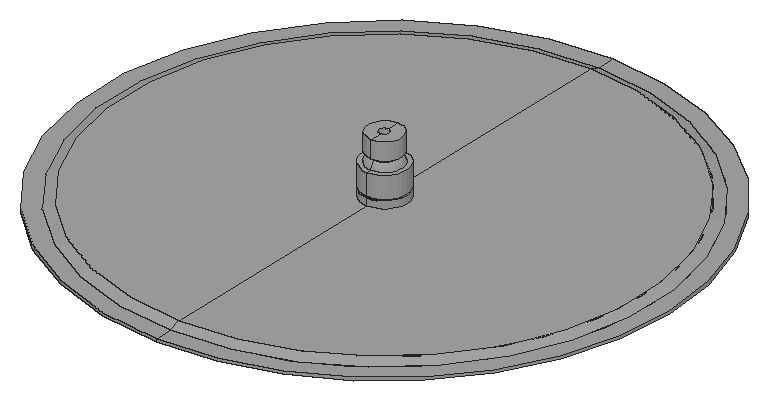
Revit family "BRG-GRF-DCH_ Briggs Reg. Red. Slim Inox Cr 40 cm", category Aparatos sanitarios, Revit 2020 (continued)
Definition of nested family "REJILLA"
  Forms (m)
    SweptBlend 112, solid
      path origin (0.048509, 0.001347, 0) x (0.978148, 0.207912, 0) y (0, 0, 1)
        loop
          line (-0.110116, -0.047486) -> (-0.110116, -0.0445)
      profile origin (-0.059201, -0.021547, -0.047486) x (-0.978148, -0.207912, 0) y (0.207912, -0.978148, 0)
        loop
          circle (0, 0) r 0.0015
      end profile origin (-0.059201, -0.021547, -0.0445) x (-0.978148, -0.207912, 0) y (0.207912, -0.978148, 0)
        loop
          circle (0, 0) r 0.0025
    SweptBlend 113, solid
      path origin (0.045122, 0.017857, 0) x (0.848048, 0.529919, 0) y (0, 0, 1)
        loop
          line (-0.110116, -0.047486) -> (-0.110116, -0.0445)
      profile origin (-0.048261, -0.040496, -0.047486) x (-0.848048, -0.529919, 0) y (0.529919, -0.848048, 0)
        loop
          circle (0, 0) r 0.0015
      end profile origin (-0.048261, -0.040496, -0.0445) x (-0.848048, -0.529919, 0) y (0.529919, -0.848048, 0)
        loop
          circle (0, 0) r 0.0025
    SweptBlend 114, solid
      path origin (0.036294, 0.032213, 0) x (0.615661, 0.788011, 0) y (0, 0, 1)
        loop
          line (-0.110116, -0.047486) -> (-0.110116, -0.0445)
      profile origin (-0.0315, -0.05456, -0.047486) x (-0.615661, -0.788011, 0) y (0.788011, -0.615661, 0)
        loop
          circle (0, 0) r 0.0015
      end profile origin (-0.0315, -0.05456, -0.0445) x (-0.615661, -0.788011, 0) y (0.788011, -0.615661, 0)
        loop
          circle (0, 0) r 0.0025
    SweptBlend 115, solid
      path origin (0.023088, 0.042683, 0) x (0.309017, 0.951057, 0) y (0, 0, 1)
        loop
          line (-0.110116, -0.047486) -> (-0.110116, -0.0445)
      profile origin (-0.01094, -0.062043, -0.047486) x (-0.309017, -0.951057, 0) y (0.951057, -0.309017, 0)
        loop
          circle (0, 0) r 0.0015
      end profile origin (-0.01094, -0.062043, -0.0445) x (-0.309017, -0.951057, 0) y (0.951057, -0.309017, 0)
        loop
          circle (0, 0) r 0.0025
    SweptBlend 116, solid
      path origin (0.007097, 0.048006, 0) x (-0.034899, 0.999391, 0) y (0, 0, 1)
        loop
          line (-0.110116, -0.047486) -> (-0.110116, -0.0445)
      profile origin (0.01094, -0.062043, -0.047486) x (0.034899, -0.999391, 0) y (0.999391, 0.034899, 0)
        loop
          circle (0, 0) r 0.0015
      end profile origin (0.01094, -0.062043, -0.0445) x (0.034899, -0.999391, 0) y (0.999391, 0.034899, 0)
        loop
          circle (0, 0) r 0.0025
    SweptBlend 117, solid
      path origin (-0.00975, 0.047538, 0) x (-0.374607, 0.927184, 0) y (0, 0, 1)
        loop
          line (-0.110116, -0.047486) -> (-0.110116, -0.0445)
      profile origin (0.0315, -0.05456, -0.047486) x (0.374607, -0.927184, 0) y (0.927184, 0.374607, 0)
        loop
          circle (0, 0) r 0.0015
      end profile origin (0.0315, -0.05456, -0.0445) x (0.374607, -0.927184, 0) y (0.927184, 0.374607, 0)
        loop
          circle (0, 0) r 0.0025
    SweptBlend 118, solid
      path origin (-0.025421, 0.041336, 0) x (-0.669131, 0.743145, 0) y (0, 0, 1)
        loop
          line (-0.110116, -0.047486) -> (-0.110116, -0.0445)
      profile origin (0.048261, -0.040496, -0.047486) x (0.669131, -0.743145, 0) y (0.743145, 0.669131, 0)
        loop
          circle (0, 0) r 0.0015
      end profile origin (0.048261, -0.040496, -0.0445) x (0.669131, -0.743145, 0) y (0.743145, 0.669131, 0)
        loop
          circle (0, 0) r 0.0025
    SweptBlend 119, solid
      path origin (-0.038026, 0.030149, 0) x (-0.882948, 0.469472, 0) y (0, 0, 1)
        loop
          line (-0.110116, -0.047486) -> (-0.110116, -0.0445)
      profile origin (0.059201, -0.021547, -0.047486) x (0.882948, -0.469472, 0) y (0.469472, 0.882948, 0)
        loop
          circle (0, 0) r 0.0015
      end profile origin (0.059201, -0.021547, -0.0445) x (0.882948, -0.469472, 0) y (0.469472, 0.882948, 0)
        loop
          circle (0, 0) r 0.0025
    SweptBlend 120, solid
      path origin (-0.046044, 0.015325, 0) x (-0.990268, 0.139173, 0) y (0, 0, 1)
        loop
          line (-0.110116, -0.047486) -> (-0.110116, -0.0445)
      profile origin (0.063, 0, -0.047486) x (0.990268, -0.139173, 0) y (0.139173, 0.990268, 0)
        loop
          circle (0, 0) r 0.0015
      end profile origin (0.063, 0, -0.0445) x (0.990268, -0.139173, 0) y (0.139173, 0.990268, 0)
        loop
          circle (0, 0) r 0.0025
    SweptBlend 121, solid
      path origin (-0.048509, -0.001347, 0) x (-0.978148, -0.207912, 0) y (0, 0, 1)
        loop
          line (-0.110116, -0.047486) -> (-0.110116, -0.0445)
      profile origin (0.059201, 0.021547, -0.047486) x (0.978148, 0.207912, 0) y (-0.207912, 0.978148, 0)
        loop
          circle (0, 0) r 0.0015
      end profile origin (0.059201, 0.021547, -0.0445) x (0.978148, 0.207912, 0) y (-0.207912, 0.978148, 0)
        loop
          circle (0, 0) r 0.0025
    SweptBlend 122, solid
      path origin (-0.045122, -0.017857, 0) x (-0.848048, -0.529919, 0) y (0, 0, 1)
        loop
          line (-0.110116, -0.047486) -> (-0.110116, -0.0445)
      profile origin (0.048261, 0.040496, -0.047486) x (0.848048, 0.529919, 0) y (-0.529919, 0.848048, 0)
        loop
          circle (0, 0) r 0.0015
      end profile origin (0.048261, 0.040496, -0.0445) x (0.848048, 0.529919, 0) y (-0.529919, 0.848048, 0)
        loop
          circle (0, 0) r 0.0025
    SweptBlend 123, solid
      path origin (-0.084709, -0.022894, 0) x (-0.978148, -0.207912, 0) y (0, 0, 1)
        loop
          line (-0.110116, -0.047486) -> (-0.110116, -0.0445)
      profile origin (0.023, 0, -0.047486) x (0.978148, 0.207912, 0) y (-0.207912, 0.978148, 0)
        loop
          circle (0, 0) r 0.0015
      end profile origin (0.023, 0, -0.0445) x (0.978148, 0.207912, 0) y (-0.207912, 0.978148, 0)
        loop
          circle (0, 0) r 0.0025
    SweptBlend 124, solid
      path origin (0.062182, -0.061913, 0) x (0.669131, -0.743145, 0) y (0, 0, 1)
        loop
          line (-0.110116, -0.047486) -> (-0.110116, -0.0445)
      profile origin (-0.0115, 0.019919, -0.047486) x (-0.669131, 0.743145, 0) y (-0.743145, -0.669131, 0)
        loop
          circle (0, 0) r 0.0015
      end profile origin (-0.0115, 0.019919, -0.0445) x (-0.669131, 0.743145, 0) y (-0.743145, -0.669131, 0)
        loop
          circle (0, 0) r 0.0025
    SweptBlend 125, solid
      path origin (0.084709, 0.022894, 0) x (0.978148, 0.207912, 0) y (0, 0, 1)
        loop
          line (-0.110116, -0.047486) -> (-0.110116, -0.0445)
      profile origin (-0.023, 0, -0.047486) x (-0.978148, -0.207912, 0) y (0.207912, -0.978148, 0)
        loop
          circle (0, 0) r 0.0015
      end profile origin (-0.023, 0, -0.0445) x (-0.978148, -0.207912, 0) y (0.207912, -0.978148, 0)
        loop
          circle (0, 0) r 0.0025
    SweptBlend 126, solid
      path origin (0.022528, 0.084808, 0) x (0.309017, 0.951057, 0) y (0, 0, 1)
        loop
          line (-0.110116, -0.047486) -> (-0.110116, -0.0445)
      profile origin (-0.0115, -0.019919, -0.047486) x (-0.309017, -0.951057, 0) y (0.951057, -0.309017, 0)
        loop
          circle (0, 0) r 0.0015
      end profile origin (-0.0115, -0.019919, -0.0445) x (-0.309017, -0.951057, 0) y (0.951057, -0.309017, 0)
        loop
          circle (0, 0) r 0.0025
    SweptBlend 127, solid
      path origin (-0.062182, 0.061913, 0) x (-0.669131, 0.743145, 0) y (0, 0, 1)
        loop
          line (-0.110116, -0.047486) -> (-0.110116, -0.0445)
      profile origin (0.0115, -0.019919, -0.047486) x (0.669131, -0.743145, 0) y (0.743145, 0.669131, 0)
        loop
          circle (0, 0) r 0.0015
      end profile origin (0.0115, -0.019919, -0.0445) x (0.669131, -0.743145, 0) y (0.743145, 0.669131, 0)
        loop
          circle (0, 0) r 0.0025
    SweptBlend 128, solid
      path origin (-0.034028, 0.050274, 0) x (-0.309017, -0.951057, 0) y (0, 0, 1)
        loop
          line (-0.110116, -0.047486) -> (-0.110116, -0.0445)
      profile origin (0, 0.155, -0.047486) x (0.309017, 0.951057, 0) y (-0.951057, 0.309017, 0)
        loop
          circle (0, 0) r 0.0015
      end profile origin (0, 0.155, -0.0445) x (0.309017, 0.951057, 0) y (-0.951057, 0.309017, 0)
        loop
          circle (0, 0) r 0.0025
    SweptBlend 129, solid
      path origin (-0.034028, 0.073274, 0) x (-0.309017, -0.951057, 0) y (0, 0, 1)
        loop
          line (-0.110116, -0.047486) -> (-0.110116, -0.0445)
      profile origin (0, 0.178, -0.047486) x (0.309017, 0.951057, 0) y (-0.951057, 0.309017, 0)
        loop
          circle (0, 0) r 0.0015
      end profile origin (0, 0.178, -0.0445) x (0.309017, 0.951057, 0) y (-0.951057, 0.309017, 0)
        loop
          circle (0, 0) r 0.0025
    SweptBlend 130, solid
      path origin (-0.040693, 0.045049, 0) x (-0.173648, -0.984808, 0) y (0, 0, 1)
        loop
          line (-0.110116, -0.047486) -> (-0.110116, -0.0445)
      profile origin (-0.021572, 0.153492, -0.047486) x (0.173648, 0.984808, 0) y (-0.984808, 0.173648, 0)
        loop
          circle (0, 0) r 0.0015
      end profile origin (-0.021572, 0.153492, -0.0445) x (0.173648, 0.984808, 0) y (-0.984808, 0.173648, 0)
        loop
          circle (0, 0) r 0.0025
    SweptBlend 131, solid
      path origin (-0.0267, 0.05452, 0) x (-0.438371, -0.898794, 0) y (0, 0, 1)
        loop
          line (-0.110116, -0.047486) -> (-0.110116, -0.0445)
      profile origin (0.021572, 0.153492, -0.047486) x (0.438371, 0.898794, 0) y (-0.898794, 0.438371, 0)
        loop
          circle (0, 0) r 0.0015
      end profile origin (0.021572, 0.153492, -0.0445) x (0.438371, 0.898794, 0) y (-0.898794, 0.438371, 0)
        loop
          circle (0, 0) r 0.0025
    SweptBlend 132, solid
      path origin (-0.018852, 0.057706, 0) x (-0.559193, -0.829038, 0) y (0, 0, 1)
        loop
          line (-0.110116, -0.047486) -> (-0.110116, -0.0445)
      profile origin (0.042724, 0.148996, -0.047486) x (0.559193, 0.829038, 0) y (-0.829038, 0.559193, 0)
        loop
          circle (0, 0) r 0.0015
      end profile origin (0.042724, 0.148996, -0.0445) x (0.559193, 0.829038, 0) y (-0.829038, 0.559193, 0)
        loop
          circle (0, 0) r 0.0025
    SweptBlend 133, solid
      path origin (-0.010638, 0.059768, 0) x (-0.669131, -0.743145, 0) y (0, 0, 1)
        loop
          line (-0.110116, -0.047486) -> (-0.110116, -0.0445)
      profile origin (0.063044, 0.1416, -0.047486) x (0.669131, 0.743145, 0) y (-0.743145, 0.669131, 0)
        loop
          circle (0, 0) r 0.0015
      end profile origin (0.063044, 0.1416, -0.0445) x (0.669131, 0.743145, 0) y (-0.743145, 0.669131, 0)
        loop
          circle (0, 0) r 0.0025
    SweptBlend 134, solid
      path origin (-0.002216, 0.060667, 0) x (-0.766044, -0.642788, 0) y (0, 0, 1)
        loop
          line (-0.110116, -0.047486) -> (-0.110116, -0.0445)
      profile origin (0.082137, 0.131447, -0.047486) x (0.766044, 0.642788, 0) y (-0.642788, 0.766044, 0)
        loop
          circle (0, 0) r 0.0015
      end profile origin (0.082137, 0.131447, -0.0445) x (0.766044, 0.642788, 0) y (-0.642788, 0.766044, 0)
        loop
          circle (0, 0) r 0.0025
    SweptBlend 135, solid
      path origin (0.006249, 0.060385, 0) x (-0.848048, -0.529919, 0) y (0, 0, 1)
        loop
          line (-0.110116, -0.047486) -> (-0.110116, -0.0445)
      profile origin (0.099632, 0.118737, -0.047486) x (0.848048, 0.529919, 0) y (-0.529919, 0.848048, 0)
        loop
          circle (0, 0) r 0.0015
      end profile origin (0.099632, 0.118737, -0.0445) x (0.848048, 0.529919, 0) y (-0.529919, 0.848048, 0)
        loop
          circle (0, 0) r 0.0025
    SweptBlend 136, solid
      path origin (0.014592, 0.058927, 0) x (-0.913545, -0.406737, 0) y (0, 0, 1)
        loop
          line (-0.110116, -0.047486) -> (-0.110116, -0.0445)
      profile origin (0.115187, 0.103715, -0.047486) x (0.913545, 0.406737, 0) y (-0.406737, 0.913545, 0)
        loop
          circle (0, 0) r 0.0015
      end profile origin (0.115187, 0.103715, -0.0445) x (0.913545, 0.406737, 0) y (-0.406737, 0.913545, 0)
        loop
          circle (0, 0) r 0.0025
    SweptBlend 137, solid
      path origin (0.022651, 0.056323, 0) x (-0.961262, -0.275637, 0) y (0, 0, 1)
        loop
          line (-0.110116, -0.047486) -> (-0.110116, -0.0445)
      profile origin (0.128501, 0.086675, -0.047486) x (0.961262, 0.275637, 0) y (-0.275637, 0.961262, 0)
        loop
          circle (0, 0) r 0.0015
      end profile origin (0.128501, 0.086675, -0.0445) x (0.961262, 0.275637, 0) y (-0.275637, 0.961262, 0)
        loop
          circle (0, 0) r 0.0025
    SweptBlend 138, solid
      path origin (0.030269, 0.052622, 0) x (-0.990268, -0.139173, 0) y (0, 0, 1)
        loop
          line (-0.110116, -0.047486) -> (-0.110116, -0.0445)
      profile origin (0.139313, 0.067948, -0.047486) x (0.990268, 0.139173, 0) y (-0.139173, 0.990268, 0)
        loop
          circle (0, 0) r 0.0015
      end profile origin (0.139313, 0.067948, -0.0445) x (0.990268, 0.139173, 0) y (-0.139173, 0.990268, 0)
        loop
          circle (0, 0) r 0.0025
    SweptBlend 139, solid
      path origin (0.037298, 0.047898, 0) x (-1, 0, 0) y (0, 0, 1)
        loop
          line (-0.110116, -0.047486) -> (-0.110116, -0.0445)
      profile origin (0.147414, 0.047898, -0.047486) x (1, 0, 0) y (0, 1, 0)
        loop
          circle (0, 0) r 0.0015
      end profile origin (0.147414, 0.047898, -0.0445) x (1, 0, 0) y (0, 1, 0)
        loop
          circle (0, 0) r 0.0025
    SweptBlend 140, solid
      path origin (0.043601, 0.042241, 0) x (-0.990268, 0.139173, 0) y (0, 0, 1)
        loop
          line (-0.110116, -0.047486) -> (-0.110116, -0.0445)
      profile origin (0.152645, 0.026915, -0.047486) x (0.990268, -0.139173, 0) y (0.139173, 0.990268, 0)
        loop
          circle (0, 0) r 0.0015
      end profile origin (0.152645, 0.026915, -0.0445) x (0.990268, -0.139173, 0) y (0.139173, 0.990268, 0)
        loop
          circle (0, 0) r 0.0025
    SweptBlend 141, solid
      path origin (0.049056, 0.035761, 0) x (-0.961262, 0.275637, 0) y (0, 0, 1)
        loop
          line (-0.110116, -0.047486) -> (-0.110116, -0.0445)
      profile origin (0.154906, 0.005409, -0.047486) x (0.961262, -0.275637, 0) y (0.275637, 0.961262, 0)
        loop
          circle (0, 0) r 0.0015
      end profile origin (0.154906, 0.005409, -0.0445) x (0.961262, -0.275637, 0) y (0.275637, 0.961262, 0)
        loop
          circle (0, 0) r 0.0025
    SweptBlend 142, solid
      path origin (0.053555, 0.028586, 0) x (-0.913545, 0.406737, 0) y (0, 0, 1)
        loop
          line (-0.110116, -0.047486) -> (-0.110116, -0.0445)
      profile origin (0.154151, -0.016202, -0.047486) x (0.913545, -0.406737, 0) y (0.406737, 0.913545, 0)
        loop
          circle (0, 0) r 0.0015
      end profile origin (0.154151, -0.016202, -0.0445) x (0.913545, -0.406737, 0) y (0.406737, 0.913545, 0)
        loop
          circle (0, 0) r 0.0025
    SweptBlend 143, solid
      path origin (0.057013, 0.020854, 0) x (-0.848048, 0.529919, 0) y (0, 0, 1)
        loop
          line (-0.110116, -0.047486) -> (-0.110116, -0.0445)
      profile origin (0.150396, -0.037498, -0.047486) x (0.848048, -0.529919, 0) y (0.529919, 0.848048, 0)
        loop
          circle (0, 0) r 0.0015
      end profile origin (0.150396, -0.037498, -0.0445) x (0.848048, -0.529919, 0) y (0.529919, 0.848048, 0)
        loop
          circle (0, 0) r 0.0025
    SweptBlend 144, solid
      path origin (0.05936, 0.012717, 0) x (-0.766044, 0.642788, 0) y (0, 0, 1)
        loop
          line (-0.110116, -0.047486) -> (-0.110116, -0.0445)
      profile origin (0.143713, -0.058064, -0.047486) x (0.766044, -0.642788, 0) y (0.642788, 0.766044, 0)
        loop
          circle (0, 0) r 0.0015
      end profile origin (0.143713, -0.058064, -0.0445) x (0.766044, -0.642788, 0) y (0.642788, 0.766044, 0)
        loop
          circle (0, 0) r 0.0025
    SweptBlend 145, solid
      path origin (0.060552, 0.004332, 0) x (-0.669131, 0.743145, 0) y (0, 0, 1)
        loop
          line (-0.110116, -0.047486) -> (-0.110116, -0.0445)
      profile origin (0.134234, -0.0775, -0.047486) x (0.669131, -0.743145, 0) y (0.743145, 0.669131, 0)
        loop
          circle (0, 0) r 0.0015
      end profile origin (0.134234, -0.0775, -0.0445) x (0.669131, -0.743145, 0) y (0.743145, 0.669131, 0)
        loop
          circle (0, 0) r 0.0025
    SweptBlend 146, solid
      path origin (0.060566, -0.004138, 0) x (-0.559193, 0.829038, 0) y (0, 0, 1)
        loop
          line (-0.110116, -0.047486) -> (-0.110116, -0.0445)
      profile origin (0.122142, -0.095428, -0.047486) x (0.559193, -0.829038, 0) y (0.829038, 0.559193, 0)
        loop
          circle (0, 0) r 0.0015
      end profile origin (0.122142, -0.095428, -0.0445) x (0.559193, -0.829038, 0) y (0.829038, 0.559193, 0)
        loop
          circle (0, 0) r 0.0025
    SweptBlend 147, solid
      path origin (0.059401, -0.012526, 0) x (-0.438371, 0.898794, 0) y (0, 0, 1)
        loop
          line (-0.110116, -0.047486) -> (-0.110116, -0.0445)
      profile origin (0.107672, -0.111498, -0.047486) x (0.438371, -0.898794, 0) y (0.898794, 0.438371, 0)
        loop
          circle (0, 0) r 0.0015
      end profile origin (0.107672, -0.111498, -0.0445) x (0.438371, -0.898794, 0) y (0.898794, 0.438371, 0)
        loop
          circle (0, 0) r 0.0025
    SweptBlend 148, solid
      path origin (0.057079, -0.020672, 0) x (-0.309017, 0.951057, 0) y (0, 0, 1)
        loop
          line (-0.110116, -0.047486) -> (-0.110116, -0.0445)
      profile origin (0.091107, -0.125398, -0.047486) x (0.309017, -0.951057, 0) y (0.951057, 0.309017, 0)
        loop
          circle (0, 0) r 0.0015
      end profile origin (0.091107, -0.125398, -0.0445) x (0.309017, -0.951057, 0) y (0.951057, 0.309017, 0)
        loop
          circle (0, 0) r 0.0025
    SweptBlend 149, solid
      path origin (0.053647, -0.028414, 0) x (-0.173648, 0.984808, 0) y (0, 0, 1)
        loop
          line (-0.110116, -0.047486) -> (-0.110116, -0.0445)
      profile origin (0.072768, -0.136857, -0.047486) x (0.173648, -0.984808, 0) y (0.984808, 0.173648, 0)
        loop
          circle (0, 0) r 0.0015
      end profile origin (0.072768, -0.136857, -0.0445) x (0.173648, -0.984808, 0) y (0.984808, 0.173648, 0)
        loop
          circle (0, 0) r 0.0025
    SweptBlend 150, solid
      path origin (0.04917, -0.035604, 0) x (-0.034899, 0.999391, 0) y (0, 0, 1)
        loop
          line (-0.110116, -0.047486) -> (-0.110116, -0.0445)
      profile origin (0.053013, -0.145652, -0.047486) x (0.034899, -0.999391, 0) y (0.999391, 0.034899, 0)
        loop
          circle (0, 0) r 0.0015
      end profile origin (0.053013, -0.145652, -0.0445) x (0.034899, -0.999391, 0) y (0.999391, 0.034899, 0)
        loop
          circle (0, 0) r 0.0025
    SweptBlend 151, solid
      path origin (0.043737, -0.042101, 0) x (0.104528, 0.994522, 0) y (0, 0, 1)
        loop
          line (-0.110116, -0.047486) -> (-0.110116, -0.0445)
      profile origin (0.032226, -0.151613, -0.047486) x (-0.104528, -0.994522, 0) y (0.994522, -0.104528, 0)
        loop
          circle (0, 0) r 0.0015
      end profile origin (0.032226, -0.151613, -0.0445) x (-0.104528, -0.994522, 0) y (0.994522, -0.104528, 0)
        loop
          circle (0, 0) r 0.0025
    SweptBlend 152, solid
      path origin (0.037452, -0.047778, 0) x (0.241922, 0.970296, 0) y (0, 0, 1)
        loop
          line (-0.110116, -0.047486) -> (-0.110116, -0.0445)
      profile origin (0.010812, -0.154622, -0.047486) x (-0.241922, -0.970296, 0) y (0.970296, -0.241922, 0)
        loop
          circle (0, 0) r 0.0015
      end profile origin (0.010812, -0.154622, -0.0445) x (-0.241922, -0.970296, 0) y (0.970296, -0.241922, 0)
        loop
          circle (0, 0) r 0.0025
    SweptBlend 153, solid
      path origin (0.030438, -0.052525, 0) x (0.374607, 0.927184, 0) y (0, 0, 1)
        loop
          line (-0.110116, -0.047486) -> (-0.110116, -0.0445)
      profile origin (-0.010812, -0.154622, -0.047486) x (-0.374607, -0.927184, 0) y (0.927184, -0.374607, 0)
        loop
          circle (0, 0) r 0.0015
      end profile origin (-0.010812, -0.154622, -0.0445) x (-0.374607, -0.927184, 0) y (0.927184, -0.374607, 0)
        loop
          circle (0, 0) r 0.0025
    SweptBlend 154, solid
      path origin (0.022831, -0.05625, 0) x (0.5, 0.866025, 0) y (0, 0, 1)
        loop
          line (-0.110116, -0.047486) -> (-0.110116, -0.0445)
      profile origin (-0.032226, -0.151613, -0.047486) x (-0.5, -0.866025, 0) y (0.866025, -0.5, 0)
        loop
          circle (0, 0) r 0.0015
      end profile origin (-0.032226, -0.151613, -0.0445) x (-0.5, -0.866025, 0) y (0.866025, -0.5, 0)
        loop
          circle (0, 0) r 0.0025
    SweptBlend 155, solid
      path origin (0.014781, -0.05888, 0) x (0.615661, 0.788011, 0) y (0, 0, 1)
        loop
          line (-0.110116, -0.047486) -> (-0.110116, -0.0445)
      profile origin (-0.053013, -0.145652, -0.047486) x (-0.615661, -0.788011, 0) y (0.788011, -0.615661, 0)
        loop
          circle (0, 0) r 0.0015
      end profile origin (-0.053013, -0.145652, -0.0445) x (-0.615661, -0.788011, 0) y (0.788011, -0.615661, 0)
        loop
          circle (0, 0) r 0.0025
    SweptBlend 156, solid
      path origin (0.006442, -0.060364, 0) x (0.71934, 0.694658, 0) y (0, 0, 1)
        loop
          line (-0.110116, -0.047486) -> (-0.110116, -0.0445)
      profile origin (-0.072768, -0.136857, -0.047486) x (-0.71934, -0.694658, 0) y (0.694658, -0.71934, 0)
        loop
          circle (0, 0) r 0.0015
      end profile origin (-0.072768, -0.136857, -0.0445) x (-0.71934, -0.694658, 0) y (0.694658, -0.71934, 0)
        loop
          circle (0, 0) r 0.0025
    SweptBlend 157, solid
      path origin (-0.002021, -0.060673, 0) x (0.809017, 0.587785, 0) y (0, 0, 1)
        loop
          line (-0.110116, -0.047486) -> (-0.110116, -0.0445)
      profile origin (-0.091107, -0.125398, -0.047486) x (-0.809017, -0.587785, 0) y (0.587785, -0.809017, 0)
        loop
          circle (0, 0) r 0.0015
      end profile origin (-0.091107, -0.125398, -0.0445) x (-0.809017, -0.587785, 0) y (0.587785, -0.809017, 0)
        loop
          circle (0, 0) r 0.0025
    SweptBlend 158, solid
      path origin (-0.010446, -0.059802, 0) x (0.882948, 0.469472, 0) y (0, 0, 1)
        loop
          line (-0.110116, -0.047486) -> (-0.110116, -0.0445)
      profile origin (-0.107672, -0.111498, -0.047486) x (-0.882948, -0.469472, 0) y (0.469472, -0.882948, 0)
        loop
          circle (0, 0) r 0.0015
      end profile origin (-0.107672, -0.111498, -0.0445) x (-0.882948, -0.469472, 0) y (0.469472, -0.882948, 0)
        loop
          circle (0, 0) r 0.0025
    SweptBlend 159, solid
      path origin (-0.018667, -0.057766, 0) x (0.939693, 0.34202, 0) y (0, 0, 1)
        loop
          line (-0.110116, -0.047486) -> (-0.110116, -0.0445)
      profile origin (-0.122142, -0.095428, -0.047486) x (-0.939693, -0.34202, 0) y (0.34202, -0.939693, 0)
        loop
          circle (0, 0) r 0.0015
      end profile origin (-0.122142, -0.095428, -0.0445) x (-0.939693, -0.34202, 0) y (0.34202, -0.939693, 0)
        loop
          circle (0, 0) r 0.0025
    SweptBlend 160, solid
      path origin (-0.026525, -0.054606, 0) x (0.978148, 0.207912, 0) y (0, 0, 1)
        loop
          line (-0.110116, -0.047486) -> (-0.110116, -0.0445)
      profile origin (-0.134234, -0.0775, -0.047486) x (-0.978148, -0.207912, 0) y (0.207912, -0.978148, 0)
        loop
          circle (0, 0) r 0.0015
      end profile origin (-0.134234, -0.0775, -0.0445) x (-0.978148, -0.207912, 0) y (0.207912, -0.978148, 0)
        loop
          circle (0, 0) r 0.0025
    SweptBlend 161, solid
      path origin (-0.033866, -0.050383, 0) x (0.997564, 0.069756, 0) y (0, 0, 1)
        loop
          line (-0.110116, -0.047486) -> (-0.110116, -0.0445)
      profile origin (-0.143713, -0.058064, -0.047486) x (-0.997564, -0.069756, 0) y (0.069756, -0.997564, 0)
        loop
          circle (0, 0) r 0.0015
      end profile origin (-0.143713, -0.058064, -0.0445) x (-0.997564, -0.069756, 0) y (0.069756, -0.997564, 0)
        loop
          circle (0, 0) r 0.0025
    SweptBlend 162, solid
      path origin (-0.040549, -0.045179, 0) x (0.997564, -0.069756, 0) y (0, 0, 1)
        loop
          line (-0.110116, -0.047486) -> (-0.110116, -0.0445)
      profile origin (-0.150396, -0.037498, -0.047486) x (-0.997564, 0.069756, 0) y (-0.069756, -0.997564, 0)
        loop
          circle (0, 0) r 0.0015
      end profile origin (-0.150396, -0.037498, -0.0445) x (-0.997564, 0.069756, 0) y (-0.069756, -0.997564, 0)
        loop
          circle (0, 0) r 0.0025
    SweptBlend 163, solid
      path origin (-0.046442, -0.039096, 0) x (0.978148, -0.207912, 0) y (0, 0, 1)
        loop
          line (-0.110116, -0.047486) -> (-0.110116, -0.0445)
      profile origin (-0.154151, -0.016202, -0.047486) x (-0.978148, 0.207912, 0) y (-0.207912, -0.978148, 0)
        loop
          circle (0, 0) r 0.0015
      end profile origin (-0.154151, -0.016202, -0.0445) x (-0.978148, 0.207912, 0) y (-0.207912, -0.978148, 0)
        loop
          circle (0, 0) r 0.0025
    SweptBlend 164, solid
      path origin (-0.051431, -0.032252, 0) x (0.939693, -0.34202, 0) y (0, 0, 1)
        loop
          line (-0.110116, -0.047486) -> (-0.110116, -0.0445)
      profile origin (-0.154906, 0.005409, -0.047486) x (-0.939693, 0.34202, 0) y (-0.34202, -0.939693, 0)
        loop
          circle (0, 0) r 0.0015
      end profile origin (-0.154906, 0.005409, -0.0445) x (-0.939693, 0.34202, 0) y (-0.34202, -0.939693, 0)
        loop
          circle (0, 0) r 0.0025
    SweptBlend 165, solid
      path origin (-0.055419, -0.024781, 0) x (0.882948, -0.469472, 0) y (0, 0, 1)
        loop
          line (-0.110116, -0.047486) -> (-0.110116, -0.0445)
      profile origin (-0.152645, 0.026915, -0.047486) x (-0.882948, 0.469472, 0) y (-0.469472, -0.882948, 0)
        loop
          circle (0, 0) r 0.0015
      end profile origin (-0.152645, 0.026915, -0.0445) x (-0.882948, 0.469472, 0) y (-0.469472, -0.882948, 0)
        loop
          circle (0, 0) r 0.0025
    SweptBlend 166, solid
      path origin (-0.058328, -0.016827, 0) x (0.809017, -0.587785, 0) y (0, 0, 1)
        loop
          line (-0.110116, -0.047486) -> (-0.110116, -0.0445)
      profile origin (-0.147414, 0.047898, -0.047486) x (-0.809017, 0.587785, 0) y (-0.587785, -0.809017, 0)
        loop
          circle (0, 0) r 0.0015
      end profile origin (-0.147414, 0.047898, -0.0445) x (-0.809017, 0.587785, 0) y (-0.587785, -0.809017, 0)
        loop
          circle (0, 0) r 0.0025
    SweptBlend 167, solid
      path origin (-0.060103, -0.008545, 0) x (0.71934, -0.694658, 0) y (0, 0, 1)
        loop
          line (-0.110116, -0.047486) -> (-0.110116, -0.0445)
      profile origin (-0.139313, 0.067948, -0.047486) x (-0.71934, 0.694658, 0) y (-0.694658, -0.71934, 0)
        loop
          circle (0, 0) r 0.0015
      end profile origin (-0.139313, 0.067948, -0.0445) x (-0.71934, 0.694658, 0) y (-0.694658, -0.71934, 0)
        loop
          circle (0, 0) r 0.0025
    SweptBlend 168, solid
      path origin (-0.060707, -0.000097, 0) x (0.615661, -0.788011, 0) y (0, 0, 1)
        loop
          line (-0.110116, -0.047486) -> (-0.110116, -0.0445)
      profile origin (-0.128501, 0.086675, -0.047486) x (-0.615661, 0.788011, 0) y (-0.788011, -0.615661, 0)
        loop
          circle (0, 0) r 0.0015
      end profile origin (-0.128501, 0.086675, -0.0445) x (-0.615661, 0.788011, 0) y (-0.788011, -0.615661, 0)
        loop
          circle (0, 0) r 0.0025
    SweptBlend 169, solid
      path origin (-0.06013, 0.008352, 0) x (0.5, -0.866025, 0) y (0, 0, 1)
        loop
          line (-0.110116, -0.047486) -> (-0.110116, -0.0445)
      profile origin (-0.115187, 0.103715, -0.047486) x (-0.5, 0.866025, 0) y (-0.866025, -0.5, 0)
        loop
          circle (0, 0) r 0.0015
      end profile origin (-0.115187, 0.103715, -0.0445) x (-0.5, 0.866025, 0) y (-0.866025, -0.5, 0)
        loop
          circle (0, 0) r 0.0025
    SweptBlend 170, solid
      path origin (-0.058382, 0.01664, 0) x (0.374607, -0.927184, 0) y (0, 0, 1)
        loop
          line (-0.110116, -0.047486) -> (-0.110116, -0.0445)
      profile origin (-0.099632, 0.118737, -0.047486) x (-0.374607, 0.927184, 0) y (-0.927184, -0.374607, 0)
        loop
          circle (0, 0) r 0.0015
      end profile origin (-0.099632, 0.118737, -0.0445) x (-0.374607, 0.927184, 0) y (-0.927184, -0.374607, 0)
        loop
          circle (0, 0) r 0.0025
    SweptBlend 171, solid
      path origin (-0.055498, 0.024603, 0) x (0.241922, -0.970296, 0) y (0, 0, 1)
        loop
          line (-0.110116, -0.047486) -> (-0.110116, -0.0445)
      profile origin (-0.082137, 0.131447, -0.047486) x (-0.241922, 0.970296, 0) y (-0.970296, -0.241922, 0)
        loop
          circle (0, 0) r 0.0015
      end profile origin (-0.082137, 0.131447, -0.0445) x (-0.241922, 0.970296, 0) y (-0.970296, -0.241922, 0)
        loop
          circle (0, 0) r 0.0025
    SweptBlend 172, solid
      path origin (-0.051534, 0.032087, 0) x (0.104528, -0.994522, 0) y (0, 0, 1)
        loop
          line (-0.110116, -0.047486) -> (-0.110116, -0.0445)
      profile origin (-0.063044, 0.1416, -0.047486) x (-0.104528, 0.994522, 0) y (-0.994522, -0.104528, 0)
        loop
          circle (0, 0) r 0.0015
      end profile origin (-0.063044, 0.1416, -0.0445) x (-0.104528, 0.994522, 0) y (-0.994522, -0.104528, 0)
        loop
          circle (0, 0) r 0.0025
    SweptBlend 173, solid
      path origin (-0.046567, 0.038947, 0) x (-0.034899, -0.999391, 0) y (0, 0, 1)
        loop
          line (-0.110116, -0.047486) -> (-0.110116, -0.0445)
      profile origin (-0.042724, 0.148996, -0.047486) x (0.034899, 0.999391, 0) y (-0.999391, 0.034899, 0)
        loop
          circle (0, 0) r 0.0015
      end profile origin (-0.042724, 0.148996, -0.0445) x (0.034899, 0.999391, 0) y (-0.999391, 0.034899, 0)
        loop
          circle (0, 0) r 0.0025
    SweptBlend 174, solid
      path origin (-0.04175, 0.069165, 0) x (-0.204378, -0.978892, 0) y (0, 0, 1)
        loop
          line (-0.110116, -0.047486) -> (-0.110116, -0.0445)
      profile origin (-0.019245, 0.176957, -0.047486) x (0.204378, 0.978892, 0) y (-0.978892, 0.204378, 0)
        loop
          circle (0, 0) r 0.0015
      end profile origin (-0.019245, 0.176957, -0.0445) x (0.204378, 0.978892, 0) y (-0.978892, 0.204378, 0)
        loop
          circle (0, 0) r 0.0025
    SweptBlend 175, solid
      path origin (-0.025906, 0.076523, 0) x (-0.410033, -0.912071, 0) y (0, 0, 1)
        loop
          line (-0.110116, -0.047486) -> (-0.110116, -0.0445)
      profile origin (0.019245, 0.176957, -0.047486) x (0.410033, 0.912071, 0) y (-0.912071, 0.410033, 0)
        loop
          circle (0, 0) r 0.0015
      end profile origin (0.019245, 0.176957, -0.0445) x (0.410033, 0.912071, 0) y (-0.912071, 0.410033, 0)
        loop
          circle (0, 0) r 0.0025
    SweptBlend 176, solid
      path origin (-0.01748, 0.078876, 0) x (-0.506241, -0.862392, 0) y (0, 0, 1)
        loop
          line (-0.110116, -0.047486) -> (-0.110116, -0.0445)
      profile origin (0.038265, 0.173838, -0.047486) x (0.506241, 0.862392, 0) y (-0.862392, 0.506241, 0)
        loop
          circle (0, 0) r 0.0015
      end profile origin (0.038265, 0.173838, -0.0445) x (0.506241, 0.862392, 0) y (-0.862392, 0.506241, 0)
        loop
          circle (0, 0) r 0.0025
    SweptBlend 177, solid
      path origin (-0.00885, 0.080303, 0) x (-0.596515, -0.802602, 0) y (0, 0, 1)
        loop
          line (-0.110116, -0.047486) -> (-0.110116, -0.0445)
      profile origin (0.056836, 0.168682, -0.047486) x (0.596515, 0.802602, 0) y (-0.802602, 0.596515, 0)
        loop
          circle (0, 0) r 0.0015
      end profile origin (0.056836, 0.168682, -0.0445) x (0.596515, 0.802602, 0) y (-0.802602, 0.596515, 0)
        loop
          circle (0, 0) r 0.0025
    SweptBlend 178, solid
      path origin (-0.000116, 0.080789, 0) x (-0.679794, -0.733403, 0) y (0, 0, 1)
        loop
          line (-0.110116, -0.047486) -> (-0.110116, -0.0445)
      profile origin (0.07474, 0.161548, -0.047486) x (0.679794, 0.733403, 0) y (-0.733403, 0.679794, 0)
        loop
          circle (0, 0) r 0.0015
      end profile origin (0.07474, 0.161548, -0.0445) x (0.679794, 0.733403, 0) y (-0.733403, 0.679794, 0)
        loop
          circle (0, 0) r 0.0025
    SweptBlend 179, solid
      path origin (0.00862, 0.080328, 0) x (-0.755104, -0.655605, 0) y (0, 0, 1)
        loop
          line (-0.110116, -0.047486) -> (-0.110116, -0.0445)
      profile origin (0.091769, 0.152521, -0.047486) x (0.755104, 0.655605, 0) y (-0.655605, 0.755104, 0)
        loop
          circle (0, 0) r 0.0015
      end profile origin (0.091769, 0.152521, -0.0445) x (0.755104, 0.655605, 0) y (-0.655605, 0.755104, 0)
        loop
          circle (0, 0) r 0.0025
    SweptBlend 180, solid
      path origin (0.017254, 0.078925, 0) x (-0.821561, -0.57012, 0) y (0, 0, 1)
        loop
          line (-0.110116, -0.047486) -> (-0.110116, -0.0445)
      profile origin (0.107721, 0.141705, -0.047486) x (0.821561, 0.57012, 0) y (-0.57012, 0.821561, 0)
        loop
          circle (0, 0) r 0.0015
      end profile origin (0.107721, 0.141705, -0.0445) x (0.821561, 0.57012, 0) y (-0.57012, 0.821561, 0)
        loop
          circle (0, 0) r 0.0025
    SweptBlend 181, solid
      path origin (0.025687, 0.076597, 0) x (-0.878386, -0.477952, 0) y (0, 0, 1)
        loop
          line (-0.110116, -0.047486) -> (-0.110116, -0.0445)
      profile origin (0.122411, 0.129227, -0.047486) x (0.878386, 0.477952, 0) y (-0.477952, 0.878386, 0)
        loop
          circle (0, 0) r 0.0015
      end profile origin (0.122411, 0.129227, -0.0445) x (0.878386, 0.477952, 0) y (-0.477952, 0.878386, 0)
        loop
          circle (0, 0) r 0.0025
    SweptBlend 182, solid
      path origin (0.033818, 0.073371, 0) x (-0.924913, -0.38018, 0) y (0, 0, 1)
        loop
          line (-0.110116, -0.047486) -> (-0.110116, -0.0445)
      profile origin (0.135665, 0.115235, -0.047486) x (0.924913, 0.38018, 0) y (-0.38018, 0.924913, 0)
        loop
          circle (0, 0) r 0.0015
      end profile origin (0.135665, 0.115235, -0.0445) x (0.924913, 0.38018, 0) y (-0.38018, 0.924913, 0)
        loop
          circle (0, 0) r 0.0025
    SweptBlend 183, solid
      path origin (0.041552, 0.069285, 0) x (-0.960595, -0.277951, 0) y (0, 0, 1)
        loop
          line (-0.110116, -0.047486) -> (-0.110116, -0.0445)
      profile origin (0.147329, 0.099891, -0.047486) x (0.960595, 0.277951, 0) y (-0.277951, 0.960595, 0)
        loop
          circle (0, 0) r 0.0015
      end profile origin (0.147329, 0.099891, -0.0445) x (0.960595, 0.277951, 0) y (-0.277951, 0.960595, 0)
        loop
          circle (0, 0) r 0.0025
    SweptBlend 184, solid
      path origin (0.0488, 0.064386, 0) x (-0.985016, -0.172463, 0) y (0, 0, 1)
        loop
          line (-0.110116, -0.047486) -> (-0.110116, -0.0445)
      profile origin (0.157265, 0.083377, -0.047486) x (0.985016, 0.172463, 0) y (-0.172463, 0.985016, 0)
        loop
          circle (0, 0) r 0.0015
      end profile origin (0.157265, 0.083377, -0.0445) x (0.985016, 0.172463, 0) y (-0.172463, 0.985016, 0)
        loop
          circle (0, 0) r 0.0025
    SweptBlend 185, solid
      path origin (0.055475, 0.058732, 0) x (-0.997888, -0.064953, 0) y (0, 0, 1)
        loop
          line (-0.110116, -0.047486) -> (-0.110116, -0.0445)
      profile origin (0.165358, 0.065885, -0.047486) x (0.997888, 0.064953, 0) y (-0.064953, 0.997888, 0)
        loop
          circle (0, 0) r 0.0015
      end profile origin (0.165358, 0.065885, -0.0445) x (0.997888, 0.064953, 0) y (-0.064953, 0.997888, 0)
        loop
          circle (0, 0) r 0.0025
    SweptBlend 186, solid
      path origin (0.0615, 0.05239, 0) x (-0.999061, 0.043319, 0) y (0, 0, 1)
        loop
          line (-0.110116, -0.047486) -> (-0.110116, -0.0445)
      profile origin (0.171512, 0.04762, -0.047486) x (0.999061, -0.043319, 0) y (0.043319, 0.999061, 0)
        loop
          circle (0, 0) r 0.0015
      end profile origin (0.171512, 0.04762, -0.0445) x (0.999061, -0.043319, 0) y (0.043319, 0.999061, 0)
        loop
          circle (0, 0) r 0.0025
    SweptBlend 187, solid
      path origin (0.066804, 0.045434, 0) x (-0.988521, 0.151082, 0) y (0, 0, 1)
        loop
          line (-0.110116, -0.047486) -> (-0.110116, -0.0445)
      profile origin (0.175655, 0.028797, -0.047486) x (0.988521, -0.151082, 0) y (0.151082, 0.988521, 0)
        loop
          circle (0, 0) r 0.0015
      end profile origin (0.175655, 0.028797, -0.0445) x (0.988521, -0.151082, 0) y (0.151082, 0.988521, 0)
        loop
          circle (0, 0) r 0.0025
    SweptBlend 188, solid
      path origin (0.071324, 0.037945, 0) x (-0.966392, 0.257075, 0) y (0, 0, 1)
        loop
          line (-0.110116, -0.047486) -> (-0.110116, -0.0445)
      profile origin (0.177739, 0.009637, -0.047486) x (0.966392, -0.257075, 0) y (0.257075, 0.966392, 0)
        loop
          circle (0, 0) r 0.0015
      end profile origin (0.177739, 0.009637, -0.0445) x (0.966392, -0.257075, 0) y (0.257075, 0.966392, 0)
        loop
          circle (0, 0) r 0.0025
    SweptBlend 189, solid
      path origin (0.075009, 0.030011, 0) x (-0.932932, 0.360053, 0) y (0, 0, 1)
        loop
          line (-0.110116, -0.047486) -> (-0.110116, -0.0445)
      profile origin (0.177739, -0.009637, -0.047486) x (0.932932, -0.360053, 0) y (0.360053, 0.932932, 0)
        loop
          circle (0, 0) r 0.0015
      end profile origin (0.177739, -0.009637, -0.0445) x (0.932932, -0.360053, 0) y (0.360053, 0.932932, 0)
        loop
          circle (0, 0) r 0.0025
    SweptBlend 190, solid
      path origin (0.077814, 0.021725, 0) x (-0.888534, 0.45881, 0) y (0, 0, 1)
        loop
          line (-0.110116, -0.047486) -> (-0.110116, -0.0445)
      profile origin (0.175655, -0.028797, -0.047486) x (0.888534, -0.45881, 0) y (0.45881, 0.888534, 0)
        loop
          circle (0, 0) r 0.0015
      end profile origin (0.175655, -0.028797, -0.0445) x (0.888534, -0.45881, 0) y (0.45881, 0.888534, 0)
        loop
          circle (0, 0) r 0.0025
    SweptBlend 191, solid
      path origin (0.079706, 0.013184, 0) x (-0.83372, 0.552188, 0) y (0, 0, 1)
        loop
          line (-0.110116, -0.047486) -> (-0.110116, -0.0445)
      profile origin (0.171512, -0.04762, -0.047486) x (0.83372, -0.552188, 0) y (0.552188, 0.83372, 0)
        loop
          circle (0, 0) r 0.0015
      end profile origin (0.171512, -0.04762, -0.0445) x (0.83372, -0.552188, 0) y (0.552188, 0.83372, 0)
        loop
          circle (0, 0) r 0.0025
    SweptBlend 192, solid
      path origin (0.080665, 0.004489, 0) x (-0.76913, 0.639092, 0) y (0, 0, 1)
        loop
          line (-0.110116, -0.047486) -> (-0.110116, -0.0445)
      profile origin (0.165358, -0.065885, -0.047486) x (0.76913, -0.639092, 0) y (0.639092, 0.76913, 0)
        loop
          circle (0, 0) r 0.0015
      end profile origin (0.165358, -0.065885, -0.0445) x (0.76913, -0.639092, 0) y (0.639092, 0.76913, 0)
        loop
          circle (0, 0) r 0.0025
    SweptBlend 193, solid
      path origin (0.080677, -0.004258, 0) x (-0.695524, 0.718503, 0) y (0, 0, 1)
        loop
          line (-0.110116, -0.047486) -> (-0.110116, -0.0445)
      profile origin (0.157265, -0.083377, -0.047486) x (0.695524, -0.718503, 0) y (0.718503, 0.695524, 0)
        loop
          circle (0, 0) r 0.0015
      end profile origin (0.157265, -0.083377, -0.0445) x (0.695524, -0.718503, 0) y (0.718503, 0.695524, 0)
        loop
          circle (0, 0) r 0.0025
    SweptBlend 194, solid
      path origin (0.079744, -0.012956, 0) x (-0.613763, 0.789491, 0) y (0, 0, 1)
        loop
          line (-0.110116, -0.047486) -> (-0.110116, -0.0445)
      profile origin (0.147329, -0.099891, -0.047486) x (0.613763, -0.789491, 0) y (0.789491, 0.613763, 0)
        loop
          circle (0, 0) r 0.0015
      end profile origin (0.147329, -0.099891, -0.0445) x (0.613763, -0.789491, 0) y (0.789491, 0.613763, 0)
        loop
          circle (0, 0) r 0.0025
    SweptBlend 195, solid
      path origin (0.077876, -0.021502, 0) x (-0.524806, 0.851222, 0) y (0, 0, 1)
        loop
          line (-0.110116, -0.047486) -> (-0.110116, -0.0445)
      profile origin (0.135665, -0.115235, -0.047486) x (0.524806, -0.851222, 0) y (0.851222, 0.524806, 0)
        loop
          circle (0, 0) r 0.0015
      end profile origin (0.135665, -0.115235, -0.0445) x (0.524806, -0.851222, 0) y (0.851222, 0.524806, 0)
        loop
          circle (0, 0) r 0.0025
    SweptBlend 196, solid
      path origin (0.075094, -0.029796, 0) x (-0.429696, 0.902974, 0) y (0, 0, 1)
        loop
          line (-0.110116, -0.047486) -> (-0.110116, -0.0445)
      profile origin (0.122411, -0.129227, -0.047486) x (0.429696, -0.902974, 0) y (0.902974, 0.429696, 0)
        loop
          circle (0, 0) r 0.0015
      end profile origin (0.122411, -0.129227, -0.0445) x (0.429696, -0.902974, 0) y (0.902974, 0.429696, 0)
        loop
          circle (0, 0) r 0.0025
    SweptBlend 197, solid
      path origin (0.071433, -0.03774, 0) x (-0.329549, 0.944139, 0) y (0, 0, 1)
        loop
          line (-0.110116, -0.047486) -> (-0.110116, -0.0445)
      profile origin (0.107721, -0.141705, -0.047486) x (0.329549, -0.944139, 0) y (0.944139, 0.329549, 0)
        loop
          circle (0, 0) r 0.0015
      end profile origin (0.107721, -0.141705, -0.0445) x (0.329549, -0.944139, 0) y (0.944139, 0.329549, 0)
        loop
          circle (0, 0) r 0.0025
    SweptBlend 198, solid
      path origin (0.066933, -0.045242, 0) x (-0.225537, 0.974235, 0) y (0, 0, 1)
        loop
          line (-0.110116, -0.047486) -> (-0.110116, -0.0445)
      profile origin (0.091769, -0.152521, -0.047486) x (0.225537, -0.974235, 0) y (0.974235, 0.225537, 0)
        loop
          circle (0, 0) r 0.0015
      end profile origin (0.091769, -0.152521, -0.0445) x (0.225537, -0.974235, 0) y (0.974235, 0.225537, 0)
        loop
          circle (0, 0) r 0.0025
    SweptBlend 199, solid
      path origin (0.061649, -0.052214, 0) x (-0.118882, 0.992908, 0) y (0, 0, 1)
        loop
          line (-0.110116, -0.047486) -> (-0.110116, -0.0445)
      profile origin (0.07474, -0.161548, -0.047486) x (0.118882, -0.992908, 0) y (0.992908, 0.118882, 0)
        loop
          circle (0, 0) r 0.0015
      end profile origin (0.07474, -0.161548, -0.0445) x (0.118882, -0.992908, 0) y (0.992908, 0.118882, 0)
        loop
          circle (0, 0) r 0.0025
    SweptBlend 200, solid
      path origin (0.055643, -0.058573, 0) x (-0.010833, 0.999941, 0) y (0, 0, 1)
        loop
          line (-0.110116, -0.047486) -> (-0.110116, -0.0445)
      profile origin (0.056836, -0.168682, -0.047486) x (0.010833, -0.999941, 0) y (0.999941, 0.010833, 0)
        loop
          circle (0, 0) r 0.0015
      end profile origin (0.056836, -0.168682, -0.0445) x (0.010833, -0.999941, 0) y (0.999941, 0.010833, 0)
        loop
          circle (0, 0) r 0.0025
    SweptBlend 201, solid
      path origin (0.048984, -0.064246, 0) x (0.097343, 0.995251, 0) y (0, 0, 1)
        loop
          line (-0.110116, -0.047486) -> (-0.110116, -0.0445)
      profile origin (0.038265, -0.173838, -0.047486) x (-0.097343, -0.995251, 0) y (0.995251, -0.097343, 0)
        loop
          circle (0, 0) r 0.0015
      end profile origin (0.038265, -0.173838, -0.0445) x (-0.097343, -0.995251, 0) y (0.995251, -0.097343, 0)
        loop
          circle (0, 0) r 0.0025
    SweptBlend 202, solid
      path origin (0.04175, -0.069165, 0) x (0.204378, 0.978892, 0) y (0, 0, 1)
        loop
          line (-0.110116, -0.047486) -> (-0.110116, -0.0445)
      profile origin (0.019245, -0.176957, -0.047486) x (-0.204378, -0.978892, 0) y (0.978892, -0.204378, 0)
        loop
          circle (0, 0) r 0.0015
      end profile origin (0.019245, -0.176957, -0.0445) x (-0.204378, -0.978892, 0) y (0.978892, -0.204378, 0)
        loop
          circle (0, 0) r 0.0025
    SweptBlend 203, solid
      path origin (0.034028, -0.073274, 0) x (0.309017, 0.951057, 0) y (0, 0, 1)
        loop
          line (-0.110116, -0.047486) -> (-0.110116, -0.0445)
      profile origin (0, -0.178, -0.047486) x (-0.309017, -0.951057, 0) y (0.951057, -0.309017, 0)
        loop
          circle (0, 0) r 0.0015
      end profile origin (0, -0.178, -0.0445) x (-0.309017, -0.951057, 0) y (0.951057, -0.309017, 0)
        loop
          circle (0, 0) r 0.0025
    SweptBlend 204, solid
      path origin (0.025906, -0.076523, 0) x (0.410033, 0.912071, 0) y (0, 0, 1)
        loop
          line (-0.110116, -0.047486) -> (-0.110116, -0.0445)
      profile origin (-0.019245, -0.176957, -0.047486) x (-0.410033, -0.912071, 0) y (0.912071, -0.410033, 0)
        loop
          circle (0, 0) r 0.0015
      end profile origin (-0.019245, -0.176957, -0.0445) x (-0.410033, -0.912071, 0) y (0.912071, -0.410033, 0)
        loop
          circle (0, 0) r 0.0025
    SweptBlend 205, solid
      path origin (0.01748, -0.078876, 0) x (0.506241, 0.862392, 0) y (0, 0, 1)
        loop
          line (-0.110116, -0.047486) -> (-0.110116, -0.0445)
      profile origin (-0.038265, -0.173838, -0.047486) x (-0.506241, -0.862392, 0) y (0.862392, -0.506241, 0)
        loop
          circle (0, 0) r 0.0015
      end profile origin (-0.038265, -0.173838, -0.0445) x (-0.506241, -0.862392, 0) y (0.862392, -0.506241, 0)
        loop
          circle (0, 0) r 0.0025
    SweptBlend 206, solid
      path origin (0.00885, -0.080303, 0) x (0.596515, 0.802602, 0) y (0, 0, 1)
        loop
          line (-0.110116, -0.047486) -> (-0.110116, -0.0445)
      profile origin (-0.056836, -0.168682, -0.047486) x (-0.596515, -0.802602, 0) y (0.802602, -0.596515, 0)
        loop
          circle (0, 0) r 0.0015
      end profile origin (-0.056836, -0.168682, -0.0445) x (-0.596515, -0.802602, 0) y (0.802602, -0.596515, 0)
        loop
          circle (0, 0) r 0.0025
    SweptBlend 207, solid
      path origin (0.000116, -0.080789, 0) x (0.679794, 0.733403, 0) y (0, 0, 1)
        loop
          line (-0.110116, -0.047486) -> (-0.110116, -0.0445)
      profile origin (-0.07474, -0.161548, -0.047486) x (-0.679794, -0.733403, 0) y (0.733403, -0.679794, 0)
        loop
          circle (0, 0) r 0.0015
      end profile origin (-0.07474, -0.161548, -0.0445) x (-0.679794, -0.733403, 0) y (0.733403, -0.679794, 0)
        loop
          circle (0, 0) r 0.0025
    SweptBlend 208, solid
      path origin (-0.00862, -0.080328, 0) x (0.755104, 0.655605, 0) y (0, 0, 1)
        loop
          line (-0.110116, -0.047486) -> (-0.110116, -0.0445)
      profile origin (-0.091769, -0.152521, -0.047486) x (-0.755104, -0.655605, 0) y (0.655605, -0.755104, 0)
        loop
          circle (0, 0) r 0.0015
      end profile origin (-0.091769, -0.152521, -0.0445) x (-0.755104, -0.655605, 0) y (0.655605, -0.755104, 0)
        loop
          circle (0, 0) r 0.0025
    SweptBlend 209, solid
      path origin (-0.017254, -0.078925, 0) x (0.821561, 0.57012, 0) y (0, 0, 1)
        loop
          line (-0.110116, -0.047486) -> (-0.110116, -0.0445)
      profile origin (-0.107721, -0.141705, -0.047486) x (-0.821561, -0.57012, 0) y (0.57012, -0.821561, 0)
        loop
          circle (0, 0) r 0.0015
      end profile origin (-0.107721, -0.141705, -0.0445) x (-0.821561, -0.57012, 0) y (0.57012, -0.821561, 0)
        loop
          circle (0, 0) r 0.0025
    SweptBlend 210, solid
      path origin (-0.025687, -0.076597, 0) x (0.878386, 0.477952, 0) y (0, 0, 1)
        loop
          line (-0.110116, -0.047486) -> (-0.110116, -0.0445)
      profile origin (-0.122411, -0.129227, -0.047486) x (-0.878386, -0.477952, 0) y (0.477952, -0.878386, 0)
        loop
          circle (0, 0) r 0.0015
      end profile origin (-0.122411, -0.129227, -0.0445) x (-0.878386, -0.477952, 0) y (0.477952, -0.878386, 0)
        loop
          circle (0, 0) r 0.0025
    SweptBlend 211, solid
      path origin (-0.033818, -0.073371, 0) x (0.924913, 0.38018, 0) y (0, 0, 1)
        loop
          line (-0.110116, -0.047486) -> (-0.110116, -0.0445)
      profile origin (-0.135665, -0.115235, -0.047486) x (-0.924913, -0.38018, 0) y (0.38018, -0.924913, 0)
        loop
          circle (0, 0) r 0.0015
      end profile origin (-0.135665, -0.115235, -0.0445) x (-0.924913, -0.38018, 0) y (0.38018, -0.924913, 0)
        loop
          circle (0, 0) r 0.0025
    SweptBlend 212, solid
      path origin (-0.041552, -0.069285, 0) x (0.960595, 0.277951, 0) y (0, 0, 1)
        loop
          line (-0.110116, -0.047486) -> (-0.110116, -0.0445)
      profile origin (-0.147329, -0.099891, -0.047486) x (-0.960595, -0.277951, 0) y (0.277951, -0.960595, 0)
        loop
          circle (0, 0) r 0.0015
      end profile origin (-0.147329, -0.099891, -0.0445) x (-0.960595, -0.277951, 0) y (0.277951, -0.960595, 0)
        loop
          circle (0, 0) r 0.0025
    SweptBlend 213, solid
      path origin (-0.0488, -0.064386, 0) x (0.985016, 0.172463, 0) y (0, 0, 1)
        loop
          line (-0.110116, -0.047486) -> (-0.110116, -0.0445)
      profile origin (-0.157265, -0.083377, -0.047486) x (-0.985016, -0.172463, 0) y (0.172463, -0.985016, 0)
        loop
          circle (0, 0) r 0.0015
      end profile origin (-0.157265, -0.083377, -0.0445) x (-0.985016, -0.172463, 0) y (0.172463, -0.985016, 0)
        loop
          circle (0, 0) r 0.0025
    SweptBlend 214, solid
      path origin (-0.055475, -0.058732, 0) x (0.997888, 0.064953, 0) y (0, 0, 1)
        loop
          line (-0.110116, -0.047486) -> (-0.110116, -0.0445)
      profile origin (-0.165358, -0.065885, -0.047486) x (-0.997888, -0.064953, 0) y (0.064953, -0.997888, 0)
        loop
          circle (0, 0) r 0.0015
      end profile origin (-0.165358, -0.065885, -0.0445) x (-0.997888, -0.064953, 0) y (0.064953, -0.997888, 0)
        loop
          circle (0, 0) r 0.0025
    SweptBlend 215, solid
      path origin (-0.0615, -0.05239, 0) x (0.999061, -0.043319, 0) y (0, 0, 1)
        loop
          line (-0.110116, -0.047486) -> (-0.110116, -0.0445)
      profile origin (-0.171512, -0.04762, -0.047486) x (-0.999061, 0.043319, 0) y (-0.043319, -0.999061, 0)
        loop
          circle (0, 0) r 0.0015
      end profile origin (-0.171512, -0.04762, -0.0445) x (-0.999061, 0.043319, 0) y (-0.043319, -0.999061, 0)
        loop
          circle (0, 0) r 0.0025
    SweptBlend 216, solid
      path origin (-0.066804, -0.045434, 0) x (0.988521, -0.151082, 0) y (0, 0, 1)
        loop
          line (-0.110116, -0.047486) -> (-0.110116, -0.0445)
      profile origin (-0.175655, -0.028797, -0.047486) x (-0.988521, 0.151082, 0) y (-0.151082, -0.988521, 0)
        loop
          circle (0, 0) r 0.0015
      end profile origin (-0.175655, -0.028797, -0.0445) x (-0.988521, 0.151082, 0) y (-0.151082, -0.988521, 0)
        loop
          circle (0, 0) r 0.0025
    SweptBlend 217, solid
      path origin (-0.071324, -0.037945, 0) x (0.966392, -0.257075, 0) y (0, 0, 1)
        loop
          line (-0.110116, -0.047486) -> (-0.110116, -0.0445)
      profile origin (-0.177739, -0.009637, -0.047486) x (-0.966392, 0.257075, 0) y (-0.257075, -0.966392, 0)
        loop
          circle (0, 0) r 0.0015
      end profile origin (-0.177739, -0.009637, -0.0445) x (-0.966392, 0.257075, 0) y (-0.257075, -0.966392, 0)
        loop
          circle (0, 0) r 0.0025
    SweptBlend 218, solid
      path origin (-0.075009, -0.030011, 0) x (0.932932, -0.360053, 0) y (0, 0, 1)
        loop
          line (-0.110116, -0.047486) -> (-0.110116, -0.0445)
      profile origin (-0.177739, 0.009637, -0.047486) x (-0.932932, 0.360053, 0) y (-0.360053, -0.932932, 0)
        loop
          circle (0, 0) r 0.0015
      end profile origin (-0.177739, 0.009637, -0.0445) x (-0.932932, 0.360053, 0) y (-0.360053, -0.932932, 0)
        loop
          circle (0, 0) r 0.0025
    SweptBlend 219, solid
      path origin (-0.077814, -0.021725, 0) x (0.888534, -0.45881, 0) y (0, 0, 1)
        loop
          line (-0.110116, -0.047486) -> (-0.110116, -0.0445)
      profile origin (-0.175655, 0.028797, -0.047486) x (-0.888534, 0.45881, 0) y (-0.45881, -0.888534, 0)
        loop
          circle (0, 0) r 0.0015
      end profile origin (-0.175655, 0.028797, -0.0445) x (-0.888534, 0.45881, 0) y (-0.45881, -0.888534, 0)
        loop
          circle (0, 0) r 0.0025
    SweptBlend 220, solid
      path origin (-0.079706, -0.013184, 0) x (0.83372, -0.552188, 0) y (0, 0, 1)
        loop
          line (-0.110116, -0.047486) -> (-0.110116, -0.0445)
      profile origin (-0.171512, 0.04762, -0.047486) x (-0.83372, 0.552188, 0) y (-0.552188, -0.83372, 0)
        loop
          circle (0, 0) r 0.0015
      end profile origin (-0.171512, 0.04762, -0.0445) x (-0.83372, 0.552188, 0) y (-0.552188, -0.83372, 0)
        loop
          circle (0, 0) r 0.0025
    SweptBlend 221, solid
      path origin (-0.080665, -0.004489, 0) x (0.76913, -0.639092, 0) y (0, 0, 1)
        loop
          line (-0.110116, -0.047486) -> (-0.110116, -0.0445)
      profile origin (-0.165358, 0.065885, -0.047486) x (-0.76913, 0.639092, 0) y (-0.639092, -0.76913, 0)
        loop
          circle (0, 0) r 0.0015
      end profile origin (-0.165358, 0.065885, -0.0445) x (-0.76913, 0.639092, 0) y (-0.639092, -0.76913, 0)
        loop
          circle (0, 0) r 0.0025
    SweptBlend 222, solid
      path origin (-0.080677, 0.004258, 0) x (0.695524, -0.718503, 0) y (0, 0, 1)
        loop
          line (-0.110116, -0.047486) -> (-0.110116, -0.0445)
      profile origin (-0.157265, 0.083377, -0.047486) x (-0.695524, 0.718503, 0) y (-0.718503, -0.695524, 0)
        loop
          circle (0, 0) r 0.0015
      end profile origin (-0.157265, 0.083377, -0.0445) x (-0.695524, 0.718503, 0) y (-0.718503, -0.695524, 0)
        loop
          circle (0, 0) r 0.0025
    SweptBlend 223, solid
      path origin (-0.079744, 0.012956, 0) x (0.613763, -0.789491, 0) y (0, 0, 1)
        loop
          line (-0.110116, -0.047486) -> (-0.110116, -0.0445)
      profile origin (-0.147329, 0.099891, -0.047486) x (-0.613763, 0.789491, 0) y (-0.789491, -0.613763, 0)
        loop
          circle (0, 0) r 0.0015
      end profile origin (-0.147329, 0.099891, -0.0445) x (-0.613763, 0.789491, 0) y (-0.789491, -0.613763, 0)
        loop
          circle (0, 0) r 0.0025
    SweptBlend 224, solid
      path origin (-0.077876, 0.021502, 0) x (0.524806, -0.851222, 0) y (0, 0, 1)
        loop
          line (-0.110116, -0.047486) -> (-0.110116, -0.0445)
      profile origin (-0.135665, 0.115235, -0.047486) x (-0.524806, 0.851222, 0) y (-0.851222, -0.524806, 0)
        loop
          circle (0, 0) r 0.0015
      end profile origin (-0.135665, 0.115235, -0.0445) x (-0.524806, 0.851222, 0) y (-0.851222, -0.524806, 0)
        loop
          circle (0, 0) r 0.0025
    SweptBlend 225, solid
      path origin (-0.075094, 0.029796, 0) x (0.429696, -0.902974, 0) y (0, 0, 1)
        loop
          line (-0.110116, -0.047486) -> (-0.110116, -0.0445)
      profile origin (-0.122411, 0.129227, -0.047486) x (-0.429696, 0.902974, 0) y (-0.902974, -0.429696, 0)
        loop
          circle (0, 0) r 0.0015
      end profile origin (-0.122411, 0.129227, -0.0445) x (-0.429696, 0.902974, 0) y (-0.902974, -0.429696, 0)
        loop
          circle (0, 0) r 0.0025
    SweptBlend 226, solid
      path origin (-0.071433, 0.03774, 0) x (0.329549, -0.944139, 0) y (0, 0, 1)
        loop
          line (-0.110116, -0.047486) -> (-0.110116, -0.0445)
      profile origin (-0.107721, 0.141705, -0.047486) x (-0.329549, 0.944139, 0) y (-0.944139, -0.329549, 0)
        loop
          circle (0, 0) r 0.0015
      end profile origin (-0.107721, 0.141705, -0.0445) x (-0.329549, 0.944139, 0) y (-0.944139, -0.329549, 0)
        loop
          circle (0, 0) r 0.0025
    SweptBlend 227, solid
      path origin (-0.066933, 0.045242, 0) x (0.225537, -0.974235, 0) y (0, 0, 1)
        loop
          line (-0.110116, -0.047486) -> (-0.110116, -0.0445)
      profile origin (-0.091769, 0.152521, -0.047486) x (-0.225537, 0.974235, 0) y (-0.974235, -0.225537, 0)
        loop
          circle (0, 0) r 0.0015
      end profile origin (-0.091769, 0.152521, -0.0445) x (-0.225537, 0.974235, 0) y (-0.974235, -0.225537, 0)
        loop
          circle (0, 0) r 0.0025
    SweptBlend 228, solid
      path origin (-0.061649, 0.052214, 0) x (0.118882, -0.992908, 0) y (0, 0, 1)
        loop
          line (-0.110116, -0.047486) -> (-0.110116, -0.0445)
      profile origin (-0.07474, 0.161548, -0.047486) x (-0.118882, 0.992908, 0) y (-0.992908, -0.118882, 0)
        loop
          circle (0, 0) r 0.0015
      end profile origin (-0.07474, 0.161548, -0.0445) x (-0.118882, 0.992908, 0) y (-0.992908, -0.118882, 0)
        loop
          circle (0, 0) r 0.0025
    SweptBlend 229, solid
      path origin (-0.055643, 0.058573, 0) x (0.010833, -0.999941, 0) y (0, 0, 1)
        loop
          line (-0.110116, -0.047486) -> (-0.110116, -0.0445)
      profile origin (-0.056836, 0.168682, -0.047486) x (-0.010833, 0.999941, 0) y (-0.999941, -0.010833, 0)
        loop
          circle (0, 0) r 0.0015
      end profile origin (-0.056836, 0.168682, -0.0445) x (-0.010833, 0.999941, 0) y (-0.999941, -0.010833, 0)
        loop
          circle (0, 0) r 0.0025
    SweptBlend 230, solid
      path origin (-0.048984, 0.064246, 0) x (-0.097343, -0.995251, 0) y (0, 0, 1)
        loop
          line (-0.110116, -0.047486) -> (-0.110116, -0.0445)
      profile origin (-0.038265, 0.173838, -0.047486) x (0.097343, 0.995251, 0) y (-0.995251, 0.097343, 0)
        loop
          circle (0, 0) r 0.0015
      end profile origin (-0.038265, 0.173838, -0.0445) x (0.097343, 0.995251, 0) y (-0.995251, 0.097343, 0)
        loop
          circle (0, 0) r 0.0025
  Dimensions and locks (m)
    plane 4 "_Alt_Altura de Meson" to level = 0.85 m
    "_ALT_Toma": plane 6 "_RP_Eje" to plane 2
    "_ALT_Meson": plane 4 "_Alt_Altura de Meson" to plane 2
    aligned and locked: level to plane 2
  Automatic sketch dimensions
    SweptBlend 74 sketch curve to SweptBlend 74 sketch curve = 0.002986 m
    profile plane to SweptBlend 74 sketch curve = 0.00 m  (x2)
    SweptBlend 74 sketch curve to profile plane = 0.00 m  (x2)
    SweptBlend 77 sketch curve to SweptBlend 77 sketch curve = 0.002986 m
    profile plane to SweptBlend 77 sketch curve = 0.00 m  (x2)
    SweptBlend 77 sketch curve to profile plane = 0.00 m  (x2)
    SweptBlend 78 sketch curve to SweptBlend 78 sketch curve = 0.002986 m
    profile plane to SweptBlend 78 sketch curve = 0.00 m  (x2)
    SweptBlend 78 sketch curve to profile plane = 0.00 m  (x2)
    SweptBlend 79 sketch curve to SweptBlend 79 sketch curve = 0.002986 m
